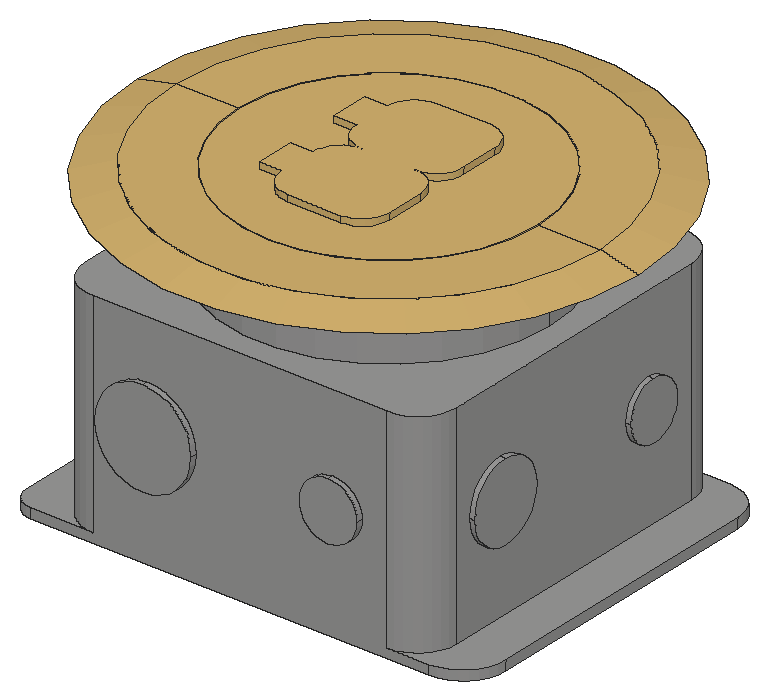
Revit family "Electrical_Equipment-Floor_Box-Hubbell_Wiring-Single_Service_Metal_Concrete-B2527", category Electrical Fixtures, host Face, Revit 2015
Parameters (values of type "B2527 - Brass Collar")
  URL = "http://www.hubbell-wiring.com/"
  Product data url = "https://bimobject.com/hubbellwiring/product/systemone-b2527"
  Product Page URL = "http://ecatalog.hubbell-wiring.com/productinformation/viewcatalog.aspx?Dest=hubbell-wiring.com/press/catalog/L.pdf&Page=4"
  Product Documentation Link = "http://ecatalog.hubbell-wiring.com/press/catalog/L-9.pdf"
  Model = "B2527"
  Manufacturer = "Hubbell-Wiring"  # constant formula
  Floor Box Type = Metal Concrete Floor Box : B2527 - Metal Concrete Floor Box
  Description = "Flush Round Single-Service Metal Concrete Floor Box"  # constant formula
  Default Elevation = 0' - 0"
  Cover Type [instance] = Single Service Covers : S3925 - Duplex Flap - Brass
  Cover Accessory Type [instance] = Carpet Flange : S3082 - 6.25in - Brass
  Construction Note [instance] = "Match Cover Material to Floor Box & Turn Off Accessory for One Piece Cover"
  Conduit Connector_9 Description = "Conduit 0.5in. Connection"  # constant formula
  Conduit Connector_8 Description = "Conduit 1.0in. Connection"  # constant formula
  Conduit Connector_7 Description = "Conduit 0.75in. Connection"  # constant formula
  Conduit Connector_6 Description = "Conduit 1.25in. Connection"  # constant formula
  Conduit Connector_5 Description = "Conduit 0.75in. Connection"  # constant formula
  Conduit Connector_4 Description = "Conduit 0.75in. Connection"  # constant formula
  Conduit Connector_3 Description = "Conduit 1.0in. Connection"  # constant formula
  Conduit Connector_2 Description = "Conduit 0.75in. Connection"  # constant formula
  Conduit Connector_13 Description = "Conduit 0.75in. Connection"  # constant formula
  Conduit Connector_12 Description = "Conduit 0.75in. Connection"  # constant formula
  Conduit Connector_11 Description = "Conduit 0.5in. Connection"  # constant formula
  Conduit Connector_10 Description = "Conduit 0.75in. Connection"  # constant formula
  Conduit Connector_1 Description = "Conduit 1.25in. Connection"  # constant formula
  Conduit Connector 4 Radius = 0' - 0 5/8"
  Conduit Connector 3 Radius = 0' - 0 1/2"
  Conduit Connector 2 Radius = 0' - 0 3/8"
  Conduit Connector 1 Radius = 0' - 0 1/4"
  Collar Material = Metal-Hubbell-Brass
  Box Material = Metal-Hubbell-Stamped Steel
  Assembly Code = "D5020115"
Types (2): name | Model | Floor Box Type | Cover Type | Cover Accessory Type | Collar Material
  B2527 - Brass Collar | "B2527" | Metal Concrete Floor Box : B2527 - Metal Concrete Floor Box | Single Service Covers : S3925 - Duplex Flap - Brass | Carpet Flange : S3082 - 6.25in - Brass | Metal-Hubbell-Brass
  BA2527 - Aluminum Collar | "BA2527" | Metal Concrete Floor Box : BA2527 - Metal Concrete Floor Box | Single Service Covers : SA3925 - Duplex Flap - Aluminum | Carpet Flange : SA3082 - 6.25in - Aluminum | Metal-Hubbell-Aluminum
Reference planes (in)
  plane 1 "Center (Front/Back)": y = 0
  plane 2: z = 0
  plane 3 "Center (Left/Right)": x = 0
  plane 4: z = -3
Forms (in)
  Extrusion 1, void, detail levels fine
    sketch origin (0, 0, 0) x (1, 0, 0) y (0, 1, 0)
      loop
        line (1.9065, 2.4065) -> (-1.9065, 2.4065)
        arc (-1.9065, 2.4065) -> (-2.26005, 2.26005) -> (-2.4065, 1.9065) r 0.5
        line (-2.4065, 1.9065) -> (-2.4065, -1.9065)
        arc (-2.4065, -1.9065) -> (-2.26005, -2.26005) -> (-1.9065, -2.4065) r 0.5
        line (-1.9065, -2.4065) -> (1.9065, -2.4065)
        arc (1.9065, -2.4065) -> (2.26005, -2.26005) -> (2.4065, -1.9065) r 0.5
        line (2.4065, -1.9065) -> (2.4065, 1.9065)
        arc (2.4065, 1.9065) -> (2.26005, 2.26005) -> (1.9065, 2.4065) r 0.5
    from 0.20228 to -3.9375
Lines and regions (in)
  symbolic lines
    curve 1: circle (0, 0, 0) r 3.25 normal (0, 0, 1)
Dimensions and locks (in)
  aligned and locked: plane 2 to host face
  aligned and locked: level to host face
  aligned: level to Extrusion 1
  aligned: Extrusion 1 to plane 4
  aligned and locked: plane 3 "Center (Left/Right)" to nested 1
  aligned and locked: plane 1 "Center (Front/Back)" to nested 1
  aligned and locked: plane 2 to nested 1
  aligned and locked: Extrusion 1 sketch curve to nested 1  (x4)
  aligned: Extrusion 1 to nested 1  (x2)
  aligned: plane 4 to nested 1
  aligned and locked: plane 1 "Center (Front/Back)" to nested 2
  aligned and locked: plane 1 "Center (Front/Back)" to nested 3
  aligned and locked: plane 2 to nested 3
  aligned and locked: plane 3 "Center (Left/Right)" to nested 3
  aligned and locked: plane 3 "Center (Left/Right)" to nested 2
  aligned and locked: nested 2 to plane 2  (x2)
  aligned and locked: Extrusion 1 to nested 1
Nested families (in)
  nested 1: "Metal Concrete Floor Box" at (0, 0, 0), type "B2527 - Metal Concrete Floor Box"
  nested 2: "Carpet Flange" at (0, 0, 0), type <- "Cover Accessory Type", type "S3082 - 6.25in - Brass"
  nested 3: "Single Service Covers" at (0, 0, 0), type <- "Cover Type", type "S3925 - Duplex Flap - Brass"
Connectors (in)
  cabletrayconduit at (-1.20325, -2.4825, -2.375), diameter 1.25, driven by "Conduit Connector_1 Description", driven by "Conduit Connector 4 Radius"
    settings: on nested 1, index 1, connector width 1' - 0", connector height 1' - 0", connector angle 0.00°, system type 32, placement type 0, profile type 0, connector reference index -1, is primary connector yes, connector utility param no, connector description "Conduit 1.25in. Connection"
  cabletrayconduit at (1.20325, -2.4825, -2.375), diameter 0.75, driven by "Conduit Connector_2 Description", driven by "Conduit Connector 2 Radius"
    settings: on nested 1, index 2, connector width 1' - 0", connector height 1' - 0", connector angle 0.00°, system type 32, placement type 0, profile type 0, connector reference index -1, is primary connector no, connector utility param no, connector description "Conduit 0.75in. Connection"
  cabletrayconduit at (2.4825, -1.20325, -2.375), diameter 1, driven by "Conduit Connector_3 Description", driven by "Conduit Connector 3 Radius"
    settings: on nested 1, index 3, connector width 1' - 0", connector height 1' - 0", connector angle 0.00°, system type 32, placement type 0, profile type 0, connector reference index -1, is primary connector no, connector utility param no, connector description "Conduit 1.0in. Connection"
  cabletrayconduit at (2.4825, 1.20325, -2.375), diameter 0.75, driven by "Conduit Connector_4 Description", driven by "Conduit Connector 2 Radius"
    settings: on nested 1, index 4, connector width 1' - 0", connector height 1' - 0", connector angle 0.00°, system type 32, placement type 0, profile type 0, connector reference index -1, is primary connector no, connector utility param no, connector description "Conduit 0.75in. Connection"
  cabletrayconduit at (1.20325, 2.4825, -2.375), diameter 0.75, driven by "Conduit Connector_5 Description", driven by "Conduit Connector 2 Radius"
    settings: on nested 1, index 5, connector width 1' - 0", connector height 1' - 0", connector angle 0.00°, system type 32, placement type 0, profile type 0, connector reference index -1, is primary connector no, connector utility param no, connector description "Conduit 0.75in. Connection"
  cabletrayconduit at (-1.20325, 2.4825, -2.375), diameter 1.25, driven by "Conduit Connector_6 Description", driven by "Conduit Connector 4 Radius"
    settings: on nested 1, index 6, connector width 1' - 0", connector height 1' - 0", connector angle 0.00°, system type 32, placement type 0, profile type 0, connector reference index -1, is primary connector no, connector utility param no, connector description "Conduit 1.25in. Connection"
  cabletrayconduit at (-2.4825, 1.20325, -2.375), diameter 0.75, driven by "Conduit Connector_7 Description", driven by "Conduit Connector 2 Radius"
    settings: on nested 1, index 7, connector width 1' - 0", connector height 1' - 0", connector angle 0.00°, system type 32, placement type 0, profile type 0, connector reference index -1, is primary connector no, connector utility param no, connector description "Conduit 0.75in. Connection"
  cabletrayconduit at (-2.4825, -1.20325, -2.375), diameter 1, driven by "Conduit Connector_8 Description", driven by "Conduit Connector 3 Radius"
    settings: on nested 1, index 8, connector width 1' - 0", connector height 1' - 0", connector angle 0.00°, system type 32, placement type 0, profile type 0, connector reference index -1, is primary connector no, connector utility param no, connector description "Conduit 1.0in. Connection"
  cabletrayconduit at (-0.70711, -0.70711, -3.9375), diameter 0.5, driven by "Conduit Connector_9 Description", driven by "Conduit Connector 1 Radius"
    settings: on nested 1, index 9, connector width 1' - 0", connector height 1' - 0", connector angle 0.00°, system type 32, placement type 0, profile type 0, connector reference index -1, is primary connector no, connector utility param no, connector description "Conduit 0.5in. Connection"
  cabletrayconduit at (0, 0, -3.9375), diameter 0.5, driven by "Conduit Connector_10 Description", driven by "Conduit Connector 1 Radius"
    settings: on nested 1, index 10, connector width 1' - 0", connector height 1' - 0", connector angle 0.00°, system type 32, placement type 0, profile type 0, connector reference index -1, is primary connector no, connector utility param no, connector description "Conduit 0.75in. Connection"
  cabletrayconduit at (0.70711, 0.70711, -3.9375), diameter 0.5, driven by "Conduit Connector_11 Description", driven by "Conduit Connector 1 Radius"
    settings: on nested 1, index 11, connector width 1' - 0", connector height 1' - 0", connector angle 0.00°, system type 32, placement type 0, profile type 0, connector reference index -1, is primary connector no, connector utility param no, connector description "Conduit 0.5in. Connection"
  cabletrayconduit at (0.70711, -0.70711, -3.9375), diameter 0.75, driven by "Conduit Connector_12 Description", driven by "Conduit Connector 2 Radius"
    settings: on nested 1, index 12, connector width 1' - 0", connector height 1' - 0", connector angle 0.00°, system type 32, placement type 0, profile type 0, connector reference index -1, is primary connector no, connector utility param no, connector description "Conduit 0.75in. Connection"
  cabletrayconduit at (-0.70711, 0.70711, -3.9375), diameter 0.75, driven by "Conduit Connector_13 Description", driven by "Conduit Connector 2 Radius"
    settings: on nested 1, index 13, connector width 1' - 0", connector height 1' - 0", connector angle 0.00°, system type 32, placement type 0, profile type 0, connector reference index -1, is primary connector no, connector utility param no, connector description "Conduit 0.75in. Connection"
Definition of nested family "Metal Concrete Floor Box"
  Parameters
    Cover Material = none
    Conduit Connector Offset = 0' - 1 1/2"
    Conduit Connector 4 Radius = 0' - 0 5/8"
    Conduit Connector 3 Radius = 0' - 0 1/2"
    Conduit Connector 2 Radius = 0' - 0 3/8"
    Conduit Connector 1 Radius = 0' - 0 1/4"
    Can Material = none
    Assembly Code = ""
  Reference planes (in)
    plane 1 "Center (Front/Back)": y = 0
    plane 2: z = 0
    plane 3 "Center (Left/Right)": x = 0
    plane 4: z = -3.875
    plane 5: z = -2.375
  Forms (in)
    Extrusion 1, solid, material <- "Can Material"
      sketch origin (0, 0, 0) x (1, 0, 0) y (0, 1, 0)
        loop
          arc (-1.9065, 2.4065) -> (-2.26005, 2.26005) -> (-2.4065, 1.9065) r 0.5
          line (-2.4065, 1.9065) -> (-2.4065, -1.9065)
          arc (-2.4065, -1.9065) -> (-2.26005, -2.26005) -> (-1.9065, -2.4065) r 0.5
          line (-1.9065, -2.4065) -> (1.9065, -2.4065)
          arc (1.9065, -2.4065) -> (2.26005, -2.26005) -> (2.4065, -1.9065) r 0.5
          line (2.4065, -1.9065) -> (2.4065, 1.9065)
          arc (2.4065, 1.9065) -> (2.26005, 2.26005) -> (1.9065, 2.4065) r 0.5
          line (1.9065, 2.4065) -> (-1.9065, 2.4065)
      from -1 to -3.7513
    Extrusion 2, solid, material <- "Cover Material"
      sketch origin (0, 0, 0) x (1, 0, 0) y (0, 1, 0)
        loop
          circle (0, 0) r 2.095
        loop
          circle (0, 0) r 1.9075
      from -0.44985 to 0
    Extrusion 3, solid, material <- "Can Material"
      sketch origin (0, 0, 0) x (1, 0, 0) y (0, 1, 0)
        loop
          circle (0, 0) r 2.095
        loop
          circle (0, 0) r 1.9075
      from -1 to -0.44985
    Extrusion 4, solid, material <- "Can Material"
      sketch origin (-0.12309, 0, 0) x (1, 0, 0) y (0, 0, 1)
        loop
          arc (-1.70516, -2.375) -> (-1.5221, -2.81694) -> (-1.08016, -3) r 0.625
          arc (-1.08016, -3) -> (-0.63821, -2.81694) -> (-0.45516, -2.375) r 0.625
          arc (-0.45516, -2.375) -> (-0.63821, -1.93306) -> (-1.08016, -1.75) r 0.625
          arc (-1.08016, -1.75) -> (-1.5221, -1.93306) -> (-1.70516, -2.375) r 0.625
      from 2.4065 to 2.4825
    Extrusion 5, solid, material <- "Can Material"
      sketch origin (1.32825, 0, 0) x (1, 0, 0) y (0, 0, 1)
        loop
          arc (-0.5, -2.375) -> (-0.39017, -2.64017) -> (-0.125, -2.75) r 0.375
          arc (-0.125, -2.75) -> (0.14017, -2.64017) -> (0.25, -2.375) r 0.375
          arc (0.25, -2.375) -> (0.14017, -2.10983) -> (-0.125, -2) r 0.375
          arc (-0.125, -2) -> (-0.39017, -2.10983) -> (-0.5, -2.375) r 0.375
      from 2.4065 to 2.4825
    Extrusion 6, solid, material <- "Can Material"
      sketch origin (0, 0, 0) x (1, 0, 0) y (0, 1, 0)
        loop
          arc (-2.71802, 2.4065) -> (-2.92132, 2.32229) -> (-3.00552, 2.119) r 0.2875
          line (-3.00552, 2.119) -> (-3.00552, -2.119)
          arc (-3.00552, -2.119) -> (-2.92132, -2.32229) -> (-2.71802, -2.4065) r 0.2875
          line (-2.71802, -2.4065) -> (2.45263, -2.4065)
          arc (2.45263, -2.4065) -> (2.84359, -2.24456) -> (3.00552, -1.85361) r 0.55289
          line (3.00552, -1.85361) -> (3.00552, 1.9065)
          arc (3.00552, 1.9065) -> (2.85908, 2.26005) -> (2.50552, 2.4065) r 0.5
          line (2.50552, 2.4065) -> (-2.71802, 2.4065)
      from -3.7513 to -3.875
    Extrusion 7, solid, material <- "Can Material"
      sketch origin (0, 0.00191, 0) x (0, 1, 0) y (0, 0, 1)
        loop
          arc (-1.70516, -2.375) -> (-1.55871, -2.72855) -> (-1.20516, -2.875) r 0.5
          arc (-1.20516, -2.875) -> (-0.8516, -2.72855) -> (-0.70516, -2.375) r 0.5
          arc (-0.70516, -2.375) -> (-0.8516, -2.02145) -> (-1.20516, -1.875) r 0.5
          arc (-1.20516, -1.875) -> (-1.55871, -2.02145) -> (-1.70516, -2.375) r 0.5
      from 2.4065 to 2.4825
    Extrusion 8, solid, material <- "Can Material"
      sketch origin (0, 1.32825, 0) x (0, 1, 0) y (0, 0, 1)
        loop
          arc (-0.5, -2.375) -> (-0.39017, -2.64017) -> (-0.125, -2.75) r 0.375
          arc (-0.125, -2.75) -> (0.14017, -2.64017) -> (0.25, -2.375) r 0.375
          arc (0.25, -2.375) -> (0.14017, -2.10983) -> (-0.125, -2) r 0.375
          arc (-0.125, -2) -> (-0.39017, -2.10983) -> (-0.5, -2.375) r 0.375
      from 2.4065 to 2.4825
    Extrusion 9, solid, material <- "Can Material"
      sketch origin (-0.12691, 0, 0) x (-1, 0, 0) y (0, 0, 1)
        loop
          arc (-1.70516, -2.375) -> (-1.59532, -2.64017) -> (-1.33016, -2.75) r 0.375
          arc (-1.33016, -2.75) -> (-1.06499, -2.64017) -> (-0.95516, -2.375) r 0.375
          arc (-0.95516, -2.375) -> (-1.06499, -2.10983) -> (-1.33016, -2) r 0.375
          arc (-1.33016, -2) -> (-1.59532, -2.10983) -> (-1.70516, -2.375) r 0.375
      from 2.4065 to 2.4825
    Extrusion 10, solid, material <- "Can Material"
      sketch origin (-1.07825, 0, 0) x (-1, 0, 0) y (0, 0, 1)
        loop
          arc (-0.5, -2.375) -> (-0.31694, -2.81694) -> (0.125, -3) r 0.625
          arc (0.125, -3) -> (0.56694, -2.81694) -> (0.75, -2.375) r 0.625
          arc (0.75, -2.375) -> (0.56694, -1.93306) -> (0.125, -1.75) r 0.625
          arc (0.125, -1.75) -> (-0.31694, -1.93306) -> (-0.5, -2.375) r 0.625
      from 2.4065 to 2.4825
    Extrusion 11, solid, material <- "Can Material"
      sketch origin (0, -0.12691, 0) x (0, -1, 0) y (0, 0, 1)
        loop
          arc (-1.70516, -2.375) -> (-1.59532, -2.64017) -> (-1.33016, -2.75) r 0.375
          arc (-1.33016, -2.75) -> (-1.06499, -2.64017) -> (-0.95516, -2.375) r 0.375
          arc (-0.95516, -2.375) -> (-1.06499, -2.10983) -> (-1.33016, -2) r 0.375
          arc (-1.33016, -2) -> (-1.59532, -2.10983) -> (-1.70516, -2.375) r 0.375
      from 2.4065 to 2.4825
    Extrusion 12, solid, material <- "Can Material"
      sketch origin (0, -1.20325, 0) x (0, -1, 0) y (0, 0, 1)
        loop
          arc (-0.5, -2.375) -> (-0.35355, -2.72855) -> (0, -2.875) r 0.5
          arc (0, -2.875) -> (0.35355, -2.72855) -> (0.5, -2.375) r 0.5
          arc (0.5, -2.375) -> (0.35355, -2.02145) -> (0, -1.875) r 0.5
          arc (0, -1.875) -> (-0.35355, -2.02145) -> (-0.5, -2.375) r 0.5
      from 2.4065 to 2.4825
    Extrusion 13, solid, material <- "Can Material"
      sketch origin (-5.37192, -3.15502, 0) x (1, 0, 0) y (0, 1, 0)
        loop
          circle (5.37192, 3.15502) r 0.25
      from -3.875 to -3.9375
    Extrusion 14, solid, material <- "Can Material"
      sketch origin (-4.66481, -3.86212, 0) x (1, 0, 0) y (0, 1, 0)
        loop
          circle (5.37192, 3.15502) r 0.375
      from -3.875 to -3.9375
    Extrusion 15, solid, material <- "Can Material"
      sketch origin (-6.07902, -2.44791, 0) x (1, 0, 0) y (0, 1, 0)
        loop
          circle (5.37192, 3.15502) r 0.375
      from -3.875 to -3.9375
    Extrusion 16, solid, material <- "Can Material"
      sketch origin (-6.07902, -3.86212, 0) x (1, 0, 0) y (0, 1, 0)
        loop
          circle (5.37192, 3.15502) r 0.25
      from -3.875 to -3.9375
    Extrusion 17, solid, material <- "Can Material"
      sketch origin (-4.66481, -2.44791, 0) x (1, 0, 0) y (0, 1, 0)
        loop
          circle (5.37192, 3.15502) r 0.25
      from -3.875 to -3.9375
  Cuts and joins
    joined: Extrusion 1, Extrusion 3, Extrusion 4, Extrusion 5, Extrusion 6, Extrusion 7, Extrusion 8, Extrusion 9, Extrusion 10, Extrusion 11, Extrusion 12, Extrusion 13, Extrusion 14, Extrusion 15, Extrusion 16, Extrusion 17
  Lines and regions (in)
    Masking region 1
      outline origin (0, 0, 0) x (1, 0, 0) y (0, 1, 0)
        loop
          line (2.50552, 2.4065) -> (1.82825, 2.4065) -> (1.82825, 2.4825) -> (0.57825, 2.4825) -> (0.57825, 2.4065) -> (-0.82825, 2.4065) -> (-0.82825, 2.4825) -> (-1.57825, 2.4825) -> (-1.57825, 2.4065) -> (-2.71802, 2.4065)
          arc (-2.71802, 2.4065) -> (-2.92132, 2.32229) -> (-3.00552, 2.119) r 0.2875
          line (-3.00552, 2.119) -> (-3.00552, -2.119)
          arc (-3.00552, -2.119) -> (-2.92132, -2.32229) -> (-2.71802, -2.4065) r 0.2875
          line (-2.71802, -2.4065) -> (-1.82825, -2.4065) -> (-1.82825, -2.4825) -> (-0.57825, -2.4825) -> (-0.57825, -2.4065) -> (0.82825, -2.4065) -> (0.82825, -2.4825) -> (1.57825, -2.4825) -> (1.57825, -2.4065) -> (2.45263, -2.4065)
          arc (2.45263, -2.4065) -> (2.84359, -2.24456) -> (3.00552, -1.85361) r 0.55289
          line (3.00552, -1.85361) -> (3.00552, 1.9065)
          arc (3.00552, 1.9065) -> (2.85908, 2.26005) -> (2.50552, 2.4065) r 0.5
  Dimensions and locks (in)
    "Conduit Connector Offset": plane 5 to plane 4
    level to plane 4 = 0' - 3 7/8"
    equal spacing: Extrusion 6 sketch curve, plane 3 "Center (Left/Right)", Extrusion 6 sketch curve
    Extrusion 5 to plane 3 "Center (Left/Right)" to Extrusion 4 = 0' - 1.20325", 0' - 1.20325"
    equal spacing: Extrusion 7, Extrusion 5, plane 3 "Center (Left/Right)", Extrusion 4, Extrusion 12
    Extrusion 11 to Extrusion 10 to plane 3 "Center (Left/Right)" to Extrusion 9 to Extrusion 8 = 0' - 1.20325", 0' - 1.20325", 0' - 1.20325", 0' - 1.20325"
    Extrusion 5 to Extrusion 7 to plane 1 "Center (Front/Back)" to Extrusion 8 to Extrusion 9 = 0' - 1.20325", 0' - 1.20325", 0' - 1.20325", 0' - 1.20325"  (x2)
    "Conduit Connector 4 Radius": radius of Extrusion 4 sketch curve
    "Conduit Connector 2 Radius": radius of Extrusion 5 sketch curve
    "Conduit Connector 3 Radius": radius of Extrusion 7 sketch curve
    "Conduit Connector 2 Radius": radius of Extrusion 8 sketch curve
    "Conduit Connector 2 Radius": radius of Extrusion 9 sketch curve
    "Conduit Connector 4 Radius": radius of Extrusion 10 sketch curve
    "Conduit Connector 2 Radius": radius of Extrusion 11 sketch curve
    "Conduit Connector 3 Radius": radius of Extrusion 12 sketch curve
    "Conduit Connector 1 Radius": radius of Extrusion 13 sketch curve
    "Conduit Connector 2 Radius": radius of Extrusion 14 sketch curve
    "Conduit Connector 2 Radius": radius of Extrusion 15 sketch curve
    "Conduit Connector 1 Radius": radius of Extrusion 16 sketch curve
    "Conduit Connector 1 Radius": radius of Extrusion 17 sketch curve
    aligned and locked: plane 2 to level
    aligned: plane 4 to Extrusion 1
    aligned: plane 5 to Extrusion 4  (x4)
    aligned and locked: plane 5 to Extrusion 4 sketch curve
    aligned: Extrusion 4 to Extrusion 1
    aligned and locked: Extrusion 6 to plane 4
    aligned and locked: Extrusion 1 to Extrusion 6
    aligned and locked: Extrusion 2 to Extrusion 3
    aligned and locked: Extrusion 5 to Extrusion 1
    aligned and locked: Extrusion 4 to Extrusion 1
    aligned and locked: plane 5 to Extrusion 11
    aligned and locked: plane 4 to Extrusion 13
  Automatic sketch dimensions
    Extrusion 1 sketch curve to plane 3 "Center (Left/Right)" = 0' - 2.4065"
    Extrusion 1 sketch curve to Extrusion 1 sketch curve = 0' - 0 1/2"  (x3)
    plane 3 "Center (Left/Right)" to Extrusion 1 sketch curve = 0' - 1.9065"  (x2)
    plane 1 "Center (Front/Back)" to Extrusion 1 sketch curve = 0' - 2.4065"
    Extrusion 1 sketch curve to plane 1 "Center (Front/Back)" = 0' - 1.9065"
    Extrusion 2 sketch curve to Extrusion 2 sketch curve = 0' - 0"  (x2)
    plane 1 "Center (Front/Back)" to Extrusion 2 sketch curve = 0' - 0"
    Extrusion 2 sketch curve to plane 3 "Center (Left/Right)" = 0' - 0"
    Extrusion 3 sketch curve to Extrusion 3 sketch curve = 0' - 0"  (x2)
    plane 1 "Center (Front/Back)" to Extrusion 3 sketch curve = 0' - 0"
    Extrusion 3 sketch curve to plane 3 "Center (Left/Right)" = 0' - 0"
    Extrusion 4 sketch curve to Extrusion 4 sketch curve = 0' - 0"
    Extrusion 4 sketch curve to plane 3 "Center (Left/Right)" = 0' - 1.82825"
    Extrusion 5 sketch curve to Extrusion 5 sketch curve = 0' - 0"
    Extrusion 5 sketch curve to plane 5 = 0' - 0"
    plane 3 "Center (Left/Right)" to Extrusion 5 sketch curve = 0' - 0.82825"
    plane 1 "Center (Front/Back)" to Extrusion 6 sketch curve = 0' - 2.119"
    Extrusion 6 sketch curve to plane 3 "Center (Left/Right)" = 0' - 3.00552"
    Extrusion 6 sketch curve to Extrusion 6 sketch curve = 0' - 0.2875"  (x2)
    Extrusion 6 sketch curve to Extrusion 6 sketch curve = 0' - 0.55289"
    Extrusion 6 sketch curve to Extrusion 6 sketch curve = 0' - 0 1/2"
    Extrusion 6 sketch curve to plane 1 "Center (Front/Back)" = 0' - 1.9065"
    Extrusion 7 sketch curve to Extrusion 7 sketch curve = 0' - 0"
    Extrusion 7 sketch curve to plane 5 = 0' - 0"
    plane 1 "Center (Front/Back)" to Extrusion 7 sketch curve = 0' - 1.70325"
    Extrusion 8 sketch curve to Extrusion 8 sketch curve = 0' - 0"
    Extrusion 8 sketch curve to plane 5 = 0' - 0"
    Extrusion 8 sketch curve to plane 1 "Center (Front/Back)" = 0' - 0.82825"
    Extrusion 9 sketch curve to Extrusion 9 sketch curve = 0' - 0"
    Extrusion 9 sketch curve to plane 5 = 0' - 0"
    plane 3 "Center (Left/Right)" to Extrusion 9 sketch curve = 0' - 1.57825"
    Extrusion 10 sketch curve to Extrusion 10 sketch curve = 0' - 0"
    Extrusion 10 sketch curve to plane 5 = 0' - 0"
    Extrusion 10 sketch curve to plane 3 "Center (Left/Right)" = 0' - 0.57825"
    Extrusion 11 sketch curve to Extrusion 11 sketch curve = 0' - 0"
    Extrusion 11 sketch curve to plane 5 = 0' - 0"
    Extrusion 11 sketch curve to plane 1 "Center (Front/Back)" = 0' - 1.57825"
    Extrusion 12 sketch curve to Extrusion 12 sketch curve = 0' - 0"
    Extrusion 12 sketch curve to plane 5 = 0' - 0"
    plane 1 "Center (Front/Back)" to Extrusion 12 sketch curve = 0' - 0.70325"
    plane 1 "Center (Front/Back)" to Extrusion 13 sketch curve = 0' - 0"
    Extrusion 13 sketch curve to plane 3 "Center (Left/Right)" = 0' - 0"
    plane 3 "Center (Left/Right)" to Extrusion 14 sketch curve = 0' - 0.70711"
    plane 1 "Center (Front/Back)" to Extrusion 14 sketch curve = 0' - 0.70711"
    Extrusion 15 sketch curve to plane 3 "Center (Left/Right)" = 0' - 0.70711"
    Extrusion 15 sketch curve to plane 1 "Center (Front/Back)" = 0' - 0.70711"
    Extrusion 16 sketch curve to plane 3 "Center (Left/Right)" = 0' - 0.70711"
    plane 1 "Center (Front/Back)" to Extrusion 16 sketch curve = 0' - 0.70711"
    plane 3 "Center (Left/Right)" to Extrusion 17 sketch curve = 0' - 0.70711"
    Extrusion 17 sketch curve to plane 1 "Center (Front/Back)" = 0' - 0.70711"
    Masking region 1 sketch curve to Masking region 1 sketch curve = 0' - 0.2875"  (x3)
    Masking region 1 sketch curve to Masking region 1 sketch curve = 0' - 0.88977"
    Masking region 1 sketch curve to Masking region 1 sketch curve = 0' - 1.13977"
    Masking region 1 sketch curve to Masking region 1 sketch curve = 0' - 1 1/4"  (x2)
    Masking region 1 sketch curve to Masking region 1 sketch curve = 0' - 0 3/4"  (x2)
    Masking region 1 sketch curve to plane 3 "Center (Left/Right)" = 0' - 0.57825"
    plane 3 "Center (Left/Right)" to Masking region 1 sketch curve = 0' - 0.57825"
    plane 3 "Center (Left/Right)" to Masking region 1 sketch curve = 0' - 0.82825"
    Masking region 1 sketch curve to Masking region 1 sketch curve = 0' - 0.87438"
    Masking region 1 sketch curve to Masking region 1 sketch curve = 0' - 0.67727"
    Masking region 1 sketch curve to Masking region 1 sketch curve = 0' - 0 1/2"
    plane 1 "Center (Front/Back)" to Masking region 1 sketch curve = 0' - 2.4825"
    Masking region 1 sketch curve to Masking region 1 sketch curve = 0' - 0"
    Masking region 1 sketch curve to Masking region 1 sketch curve = 0' - 0.076"  (x5)
    Masking region 1 sketch curve to plane 1 "Center (Front/Back)" = 0' - 1.9065"
    Masking region 1 sketch curve to plane 1 "Center (Front/Back)" = 0' - 2.119"
    radius of Extrusion 2 sketch curve = 0' - 2.095"
    radius of Extrusion 2 sketch curve = 0' - 1.9075"
    radius of Extrusion 3 sketch curve = 0' - 2.095"
    radius of Extrusion 3 sketch curve = 0' - 1.9075"
Definition of nested family "Carpet Flange"
  Parameters
    Cover Material = none
    Assembly Code = ""
    6.25 in. Diameter = yes
    5.25 in. Diameter = no
  Reference planes (in)
    plane 1 "Center (Front/Back)": y = 0
    plane 2: z = 0
    plane 3 "Center (Left/Right)": x = 0
    plane 4: z = 0.12
    plane 5: x = -1.94
    plane 6: x = -2.75014
    plane 7: z = -0.44
    plane 8: z = 0.12
    plane 9: x = -1.94
    plane 10: x = -2.75014
    plane 11: z = -0.44
    plane 12: x = -3.25014
  Forms (in)
    Revolve 1, solid, material <- "Cover Material", visible <- "5.25 in. Diameter"
      sketch origin (0, 0, 0) x (1, 0, 0) y (0, 0, 1)
        loop
          line (-2.01967, 0) -> (-2.01967, -0.44) -> (-1.78401, -0.44) -> (-1.78401, -0.39301) -> (-1.94, -0.39301) -> (-1.94, 0.12) -> (-2.42153, 0.12) -> (-2.75014, 0) -> (-2.01967, 0)
        axis (0, 0.12) -> (0, -0.44)
      angle from 0 to 360
    Revolve 2, solid, material <- "Cover Material", visible <- "6.25 in. Diameter"
      sketch origin (0, 0, 0) x (1, 0, 0) y (0, 0, 1)
        loop
          line (-2.01967, 0) -> (-2.01967, -0.44) -> (-1.78401, -0.44) -> (-1.78401, -0.39301) -> (-1.94, -0.39301) -> (-1.94, 0.12) -> (-2.75014, 0.12) -> (-3.25014, 0) -> (-2.01967, 0)
        axis (0, 0.12) -> (0, -0.44)
      angle from 0 to 360
  Lines and regions (in)
    Masking region 1, visible <- "6.25 in. Diameter"
      outline origin (0, 0, 0) x (1, 0, 0) y (0, 1, 0)
        loop
          circle (0, 0) r 3.25014
    Masking region 2, visible <- "5.25 in. Diameter"
      outline origin (0, 0, 0) x (1, 0, 0) y (0, 1, 0)
        loop
          circle (0, 0) r 2.75014
    symbolic lines, visible <- "6.25 in. Diameter", detail levels medium+fine
      curve 1: arc (2.75014, 0, 0) -> (0, 2.75014, 0) -> (-2.75014, 0, 0) r 2.75014
      curve 2: arc (-2.75014, 0, 0) -> (0, -2.75014, 0) -> (2.75014, 0, 0) r 2.75014
    symbolic lines, visible <- "6.25 in. Diameter", detail levels fine
      curve 3: arc (-1.78401, 0, 0) -> (0, 1.78401, 0) -> (1.78401, 0, 0) r 1.78401
      curve 4: arc (1.78401, 0, 0) -> (0, -1.78401, 0) -> (-1.78401, 0, 0) r 1.78401
    symbolic lines, visible <- "5.25 in. Diameter", detail levels medium+fine
      curve 5: arc (2.42153, 0, 0) -> (0, 2.42153, 0) -> (-2.42153, 0, 0) r 2.42153
      curve 6: arc (-2.42153, 0, 0) -> (0, -2.42153, 0) -> (2.42153, 0, 0) r 2.42153
    symbolic lines, visible <- "5.25 in. Diameter", detail levels fine
      curve 7: arc (1.78401, 0, 0) -> (0, -1.78401, 0) -> (-1.78401, 0, 0) r 1.78401
      curve 8: arc (-1.78401, 0, 0) -> (0, 1.78401, 0) -> (1.78401, 0, 0) r 1.78401
  Dimensions and locks (in)
    plane 3 "Center (Left/Right)" to plane 6 = 0' - 2.75014"
    plane 4 to plane 7 = 0' - 0.56"
    Revolve 1 sketch curve to plane 5 = 0' - 1.94"
    plane 8 to plane 11 = 0' - 0.56"
    Revolve 2 sketch curve to plane 9 = 0' - 1.94"
    aligned and locked: plane 2 to level
    aligned and locked: curve 1 to Revolve 2
    aligned and locked: curve 2 to Revolve 2
    aligned and locked: curve 3 to Revolve 2
    aligned and locked: curve 4 to Revolve 2
    aligned and locked: curve 5 to Revolve 1
    aligned and locked: curve 6 to Revolve 1
    aligned and locked: curve 7 to Revolve 2
    aligned and locked: curve 8 to Revolve 2
Definition of nested family "Single Service Covers"
  Parameters
    Duplex Screw = no
    Duplex Flap = yes
    Cover Material = none
    Combination Flap = no
    Box = yes
    Assembly Code = ""
  Reference planes (in)
    plane 1 "Center (Front/Back)": y = 0
    plane 2: z = 0
    plane 3 "Center (Left/Right)": x = 0
  Forms (in)
    Extrusion 1, solid, material <- "Cover Material", visible <- "Duplex Flap", detail levels medium+fine
      sketch origin (0, 0, 0) x (1, 0, 0) y (0, 1, 0)
        loop
          arc (-0.34332, 1.20711) -> (-0.59332, 1.10355) -> (-0.69687, 0.85355) r 0.35355
          line (-0.69687, 0.85355) -> (-0.98976, 0.85355) -> (-0.98976, 0.35355) -> (-0.69687, 0.35355)
          arc (-0.69687, 0.35355) -> (-0.59332, 0.10355) -> (-0.34332, 0) r 0.35355
          arc (-0.34332, 0) -> (-0.59332, -0.10355) -> (-0.69687, -0.35355) r 0.35355
          line (-0.69687, -0.35355) -> (-0.98976, -0.35355) -> (-0.98976, -0.85355) -> (-0.69687, -0.85355)
          arc (-0.69687, -0.85355) -> (-0.59332, -1.10355) -> (-0.34332, -1.20711) r 0.35355
          line (-0.34332, -1.20711) -> (0.34332, -1.20711)
          arc (0.34332, -1.20711) -> (0.59332, -1.10355) -> (0.69687, -0.85355) r 0.35355
          line (0.69687, -0.85355) -> (0.69687, -0.35355)
          arc (0.69687, -0.35355) -> (0.59332, -0.10355) -> (0.34332, 0) r 0.35355
          arc (0.34332, 0) -> (0.59332, 0.10355) -> (0.69687, 0.35355) r 0.35355
          line (0.69687, 0.35355) -> (0.69687, 0.85355)
          arc (0.69687, 0.85355) -> (0.59332, 1.10355) -> (0.34332, 1.20711) r 0.35355
          line (0.34332, 1.20711) -> (-0.34332, 1.20711)
      from 0.12 to 0.20228
    Extrusion 2, solid, material <- "Cover Material", visible <- "Combination Flap", detail levels medium+fine
      sketch origin (0.0053, 0, 0) x (1, 0, 0) y (0, 1, 0)
        loop
          circle (0, 0) r 1
        loop
          line (-0.08565, 0.54465) -> (-0.08565, -0.54465) -> (0.0625, -0.54465) -> (0.0625, 0.54465) -> (-0.08565, 0.54465)
      from 0.12 to 0.20228
    Extrusion 3, solid, material <- "Cover Material", visible <- "Box"
      sketch origin (0, 0, 0) x (1, 0, 0) y (0, 1, 0)
        loop
          circle (0, 0) r 1.94
      from -0.44 to 0.12
    Extrusion 4, solid, material <- "Cover Material", visible <- "Duplex Screw", detail levels medium+fine
      sketch origin (-0.00003, 0.76567, 0) x (0, 1, 0) y (-1, 0, 0)
        loop
          circle (-0.01567, -0.00003) r 0.75
        loop
          line (-0.07309, 0.39733) -> (-0.07309, -0.41965) -> (0.0625, -0.41965) -> (0.0625, 0.39733) -> (-0.07309, 0.39733)
      from 0.12 to 0.20228
    Extrusion 5, solid, material <- "Cover Material", visible <- "Duplex Screw", detail levels medium+fine
      sketch origin (-0.00003, -0.73433, 0) x (0, 1, 0) y (-1, 0, 0)
        loop
          circle (-0.01567, -0.00003) r 0.75
        loop
          line (-0.07309, 0.39733) -> (-0.07309, -0.41965) -> (0.0625, -0.41965) -> (0.0625, 0.39733) -> (-0.07309, 0.39733)
      from 0.12 to 0.20228
  Lines and regions (in)
    Masking region 1, visible <- "Box"
      outline origin (0, 0, 0) x (1, 0, 0) y (0, 1, 0)
        loop
          circle (0, 0) r 1.94
    symbolic lines, visible <- "Duplex Screw", detail levels fine
      curve 1: arc (0, 1.5, 0) -> (-0.75, 0.75, 0) -> (0, 0, 0) r 0.75
      curve 2: arc (0, 0, 0) -> (0.75, 0.75, 0) -> (0, 1.5, 0) r 0.75
      curve 3: line (-0.39736, 0.82817, 0) -> (0.41962, 0.82817, 0)
      curve 4: line (0.41962, 0.82817, 0) -> (0.41962, 0.69257, 0)
      curve 5: line (0.41962, 0.69257, 0) -> (-0.39736, 0.69257, 0)
      curve 6: line (-0.39736, 0.69257, 0) -> (-0.39736, 0.82817, 0)
      curve 7: arc (0, 0, 0) -> (-0.75, -0.75, 0) -> (0, -1.5, 0) r 0.75
      curve 8: arc (0, -1.5, 0) -> (0.75, -0.75, 0) -> (0, 0, 0) r 0.75
      curve 9: line (0.41962, -0.80743, 0) -> (-0.39736, -0.80743, 0)
      curve 10: line (0.41962, -0.67183, 0) -> (0.41962, -0.80743, 0)
      curve 11: line (-0.39736, -0.67183, 0) -> (0.41962, -0.67183, 0)
      curve 12: line (-0.39736, -0.80743, 0) -> (-0.39736, -0.67183, 0)
    symbolic lines, visible <- "Duplex Flap", detail levels fine
      curve 13: arc (-0.69687, -0.85355, 0) -> (-0.59332, -1.10355, 0) -> (-0.34332, -1.20711, 0) r 0.35355
      curve 14: line (-0.34332, -1.20711, 0) -> (0.34332, -1.20711, 0)
      curve 15: arc (0.34332, -1.20711, 0) -> (0.59332, -1.10355, 0) -> (0.69687, -0.85355, 0) r 0.35355
      curve 16: line (0.69687, -0.85355, 0) -> (0.69687, -0.35355, 0)
      curve 17: arc (0.69687, -0.35355, 0) -> (0.59332, -0.10355, 0) -> (0.34332, 0, 0) r 0.35355
      curve 18: arc (0.34332, 0, 0) -> (0.59332, 0.10355, 0) -> (0.69687, 0.35355, 0) r 0.35355
      curve 19: line (0.69687, 0.35355, 0) -> (0.69687, 0.85355, 0)
      curve 20: arc (0.69687, 0.85355, 0) -> (0.59332, 1.10355, 0) -> (0.34332, 1.20711, 0) r 0.35355
      curve 21: line (0.34332, 1.20711, 0) -> (-0.34332, 1.20711, 0)
      curve 22: arc (-0.34332, 1.20711, 0) -> (-0.59332, 1.10355, 0) -> (-0.69687, 0.85355, 0) r 0.35355
      curve 23: line (-0.69687, 0.85355, 0) -> (-0.98976, 0.85355, 0)
      curve 24: line (-0.98976, 0.85355, 0) -> (-0.98976, 0.35355, 0)
      curve 25: line (-0.98976, 0.35355, 0) -> (-0.69687, 0.35355, 0)
      curve 26: arc (-0.69687, 0.35355, 0) -> (-0.59332, 0.10355, 0) -> (-0.34332, 0, 0) r 0.35355
      curve 27: arc (-0.34332, 0, 0) -> (-0.59332, -0.10355, 0) -> (-0.69687, -0.35355, 0) r 0.35355
      curve 28: line (-0.69687, -0.35355, 0) -> (-0.98976, -0.35355, 0)
      curve 29: line (-0.98976, -0.35355, 0) -> (-0.98976, -0.85355, 0)
      curve 30: line (-0.98976, -0.85355, 0) -> (-0.69687, -0.85355, 0)
    symbolic lines, visible <- "Combination Flap", detail levels fine
      curve 31: arc (-0.9947, 0, 0) -> (0.0053, -1, 0) -> (1.0053, 0, 0) r 1
      curve 32: arc (1.0053, 0, 0) -> (0.0053, 1, 0) -> (-0.9947, 0, 0) r 1
      curve 33: line (-0.08035, -0.54465, 0) -> (-0.08035, 0.54465, 0)
      curve 34: line (-0.08035, 0.54465, 0) -> (0.0678, 0.54465, 0)
      curve 35: line (0.0678, 0.54465, 0) -> (0.0678, -0.54465, 0)
      curve 36: line (0.0678, -0.54465, 0) -> (-0.08035, -0.54465, 0)
  Dimensions and locks (in)
    aligned and locked: plane 2 to level
    aligned and locked: curve 1 to Extrusion 4
    aligned and locked: curve 2 to Extrusion 4
    aligned and locked: curve 3 to Extrusion 4
    aligned and locked: curve 4 to Extrusion 4
    aligned and locked: curve 5 to Extrusion 4
    aligned and locked: curve 6 to Extrusion 4
    aligned and locked: curve 7 to Extrusion 5
    aligned and locked: curve 8 to Extrusion 5
    aligned and locked: curve 9 to Extrusion 5
    aligned and locked: curve 10 to Extrusion 5
    aligned and locked: curve 11 to Extrusion 5
    aligned and locked: curve 12 to Extrusion 5
    aligned and locked: curve 13 to Extrusion 1
    aligned and locked: curve 14 to Extrusion 1
    aligned and locked: curve 15 to Extrusion 1
    aligned and locked: curve 16 to Extrusion 1
    aligned and locked: curve 17 to Extrusion 1
    aligned and locked: curve 18 to Extrusion 1
    aligned and locked: curve 19 to Extrusion 1
    aligned and locked: curve 20 to Extrusion 1
    aligned and locked: curve 21 to Extrusion 1
    aligned and locked: curve 22 to Extrusion 1
    aligned and locked: curve 23 to Extrusion 1
    aligned and locked: curve 24 to Extrusion 1
    aligned and locked: curve 25 to Extrusion 1
    aligned and locked: curve 26 to Extrusion 1
    aligned and locked: curve 27 to Extrusion 1
    aligned and locked: curve 28 to Extrusion 1
    aligned and locked: curve 29 to Extrusion 1
    aligned and locked: curve 30 to Extrusion 1
    aligned and locked: curve 31 to Extrusion 2
    aligned and locked: curve 32 to Extrusion 2
    aligned and locked: curve 33 to Extrusion 2
    aligned and locked: curve 34 to Extrusion 2
    aligned and locked: curve 35 to Extrusion 2
    aligned and locked: curve 36 to Extrusion 2
